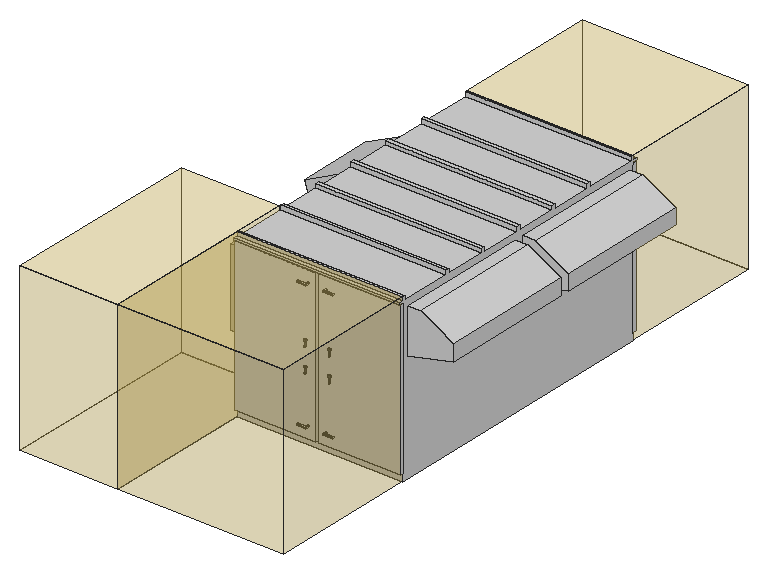
Revit family "Ventilator-RenewAire-Energy-Recovery-LE6XRTV", category Mechanical Equipment, Revit 2015
Parameters (values of type "3.0 HP 208-230V Single Phase")
  Voltage = "208-230"
  Ventilation Type = "Static Plate, Heat and Humidity Transfer"
  Unit Width = "125-1/2\""
  Unit Weight - Modular = "1,017 - 1,461 lbs."
  Unit Weight - Assembled = "2,086 - 2,753 lbs."
  Unit Length = "111-1/4\""
  Unit Height = "71-1/4\""
  Unit = Metal - RenewAire - Anodized - Gray Text
  URL = "www.renewaire.com"
  Typical Airflow Range = "1,500 - 6,600 CFM"
  Standard Features = "TEFC Premium efficiency motors, Motor starters, Non-fused disconnect, 24 VAC transformer/relay package"
  Shipping Weight - Assembled = "3,035 lbs."
  Service Area Visibility = yes
  Service Area Box = Interference - RenewAire - Smooth - Light - Gold
  Revit Object Download Link = ""
  Phase = "Single"
  Options = "Integrated programmable controls, Fused disconnect, Double wall construction, Factory supplied and mounted variable frequency drives (VFDs) - one or both airstreams, Class 1 low-leakage motorized isolation dampers - OA, RA or both airstreams, Qty. 2 Factory mounted filter alarms, Exterior Paint - white, custom colors, Spring Vibration Isolators"
  Number Motors = "Qty. 2, Belt drive blower/ standard motor packages with choice of adjustable sheaves for low, medium or high blower speed"
  Model = "LE6XRTV"
  Minimum Circuit Amps = "33.1 A"
  Maximum Overcurrent Protection = "40 A"
  Max. Shipping Height - Modular = "78\""
  Max. Shipping Width - Assembled = "90\""
  Max. Shipping Weight - Module 2 = "1,491 lbs."
  Max. Shipping Weight - Module 1 = "1,602 lbs."
  Max. Shipping Width - Modular = "90\""
  Max. Shipping Length - Assembled = "160\""
  Max. Shipping Length - Modular = "80\""
  Max. Shipping Height - Assembled = "78\""
  Manufacturer = "RenewAire LLC"
  Frequency = "60 HZ"
  FLA per Motor = "14.7 - 14"
  Description = "Energy Recovery Ventilator"
  Connector Base Material = Glass - With - Transparency
  Accessories = "Filters - MERV 13, 2\" or 4\"; MERV 8, 4\"  (shipped loose), Roof curb - standard 14\", Curb wind clip, Engineered combo curb for Carrier RTU, Engineered combo curb for Trane RTU, Digital time clock - wall mount(TC7D-W), in exterior enclosure (TC7D-E), Motion occupancy control - ceiling mount(MC-C), wall mount(MC-W), Carbon Dioxide control - wall mount(CO2-W), duct mount (CO2-D), Electric duct heater – EK series (1-60 kW), EH series (61-175 kW); designed for indoor ductwork installation only, Indirect gas-fired duct furnace - GH series (50-400 MBH), installed downstream of any fans"
  AHRI 1060 Certified Core = "Six L125-G5"
Types (11): name | Voltage | Phase | Minimum Circuit Amps | Maximum Overcurrent Protection | FLA per Motor
  (no name) | "208-230" | "Single" | "33.1 A" | "40 A" | "14.7 - 14"
  3.0 HP 208-230V Single Phase | "208-230" | "Single" | "33.1 A" | "40 A" | "14.7 - 14"
  3.0 HP 208-230V Three Phase | "208-230" | "Three" | "21.1 A" | "25 A" | "9.38-8.48"
  3.0 HP 460V Three Phase | "460" | "Three" | "9.5 A" | "15 A" | "4.24"
  3.0 HP 575V Three Phase | "575" | "Three" | "7.4 A" | "15 A" | "3.3"
  5.0 HP 208-230V Three Phase | "208-230" | "Three" | "32.6 A" | "45 A" | "14.5-13.4"
  5.0 HP 460V Three Phase | "460" | "Three" | "15.1 A" | "20 A" | "6.7"
  5.0 HP 575V Three Phase | "575" | "Three" | "11.9 A" | "15 A" | "5.3"
  7.5 HP 208-230V Three Phase | "208-230" | "Three" | "47.3 A" | "60 A" | "21.0-19.0"
  7.5 HP 460V Three Phase | "460" | "Three" | "21.4 A" | "25 A" | "9.5"
  7.5 HP 575V Three Phase | "575" | "Three" | "17.1 A" | "20 A" | "7.6"
Reference planes (in)
  plane 1 "Center (Front/Back)": y = 0
  plane 2: z = 0
  plane 3 "Center (Left/Right)": x = 0
Forms (in)
  Extrusion 1, solid, material "Metal - RenewAire - Anodized - Gray Text"
    sketch origin (-0.48313, -5.9375, 75.0345) x (1, 0, 0) y (0, 0, -1)
      loop
        circle (-3.25, 67.0345) r 0.25
    from -56.3125 to -55.5625
  Extrusion 2, solid, material "Metal - RenewAire - Anodized - Gray Text"
    sketch origin (-0.48313, -5.9375, 75.0345) x (0, 1, 0) y (0, 0, -1)
      loop
        line (-56.3125, 67.2845) -> (-57.1875, 67.2845) -> (-57.1875, 66.7845) -> (-56.3125, 66.7845) -> (-56.3125, 67.2845)
    from 2.95437 to 7.02735
  Extrusion 3, solid, material "Metal - RenewAire - Anodized - Gray Text"
    sketch origin (-0.4375, -5.9375, 128.569) x (1, 0, 0) y (0, 0, -1)
      loop
        circle (-3.25, 67.0345) r 0.25
    from -56.3125 to -55.5625
  Extrusion 4, solid, material "Metal - RenewAire - Anodized - Gray Text"
    sketch origin (-0.48313, -5.9375, 128.569) x (0, 1, 0) y (0, 0, -1)
      loop
        line (-56.3125, 67.2845) -> (-57.1875, 67.2845) -> (-57.1875, 66.7845) -> (-56.3125, 66.7845) -> (-56.3125, 67.2845)
    from 2.95437 to 7.02735
  Extrusion 5, solid, material "Interference - RenewAire - Smooth - Light - Gold", visible <- "Service Area Visibility"
    sketch origin (19.25, 0, 0) x (1, 0, 0) y (0, 1, 0)
      loop
        line (-53.875, -38.125) -> (-94.8125, -38.125) -> (-94.8125, -122.25) -> (-53.875, -122.25) -> (-53.875, -38.125)
    from 0 to 69.25
  Extrusion 6, solid, material "Interference - RenewAire - Smooth - Light - Gold", visible <- "Service Area Visibility"
    sketch origin (0, -45.75, 0) x (1, 0, 0) y (0, 1, 0)
      loop
        line (34.625, -14.25) -> (-34.625, -14.25) -> (-34.625, -76.5) -> (34.625, -76.5) -> (34.625, -14.25)
    from 0 to 69.25
  Extrusion 7, solid, material "Metal - RenewAire - Anodized - Gray Text"
    sketch origin (0, 0, 0) x (0, 1, 0) y (0, 0, 1)
      loop
        line (59.25, 67.5) -> (37.55, 67.5) -> (37.55, 69.25) -> (36.05, 69.25) -> (36.05, 67.5) -> (19.15, 67.5) -> (19.15, 69.25) -> (17.65, 69.25) -> (17.65, 67.5) -> (0.75, 67.5) -> (0.75, 69.25) -> (-0.75, 69.25) -> (-0.75, 67.5) -> (-17.65, 67.5) -> (-17.65, 69.25) -> (-19.15, 69.25) -> (-19.15, 67.5) -> (-36.05, 67.5) -> (-36.05, 69.25) -> (-37.55, 69.25) -> (-37.55, 67.5) -> (-59.25, 67.5) -> (-59.25, 69.25) -> (-60, 69.25) -> (-60, 67.75) -> (-62, 67.75) -> (-62, 67) -> (-60, 67) -> (-60, 0) -> (60, 0) -> (60, 67) -> (62, 67) -> (62, 67.75) -> (60, 67.75) -> (60, 69.25) -> (59.25, 69.25) -> (59.25, 67.5)
    from -34.625 to 34.625
  Extrusion 8, solid, material "Interference - RenewAire - Smooth - Light - Gold", visible <- "Service Area Visibility"
    sketch origin (0, -32.65268, 0) x (1, 0, 0) y (0, 1, 0)
      loop
        line (34.625, 152.90268) -> (-34.625, 152.90268) -> (-34.625, 92.65268) -> (34.625, 92.65268) -> (34.625, 152.90268)
    from 0 to 69.25
  Extrusion 9, solid, material "Metal - RenewAire - Anodized - Gray Text"
    sketch origin (0, 0, 0) x (1, 0, 0) y (0, 0, 1)
      loop
        line (-34.625, 66.5) -> (-34.625, 3) -> (-0.5625, 3) -> (-0.5625, 66.5) -> (-34.625, 66.5)
    from 60 to 61.5
  Extrusion 10, solid, material "Metal - RenewAire - Anodized - Gray Text"
    sketch origin (-6.80202, 0, 0) x (1, 0, 0) y (0, 0, 1)
      loop
        line (7.36452, 66.5) -> (7.36452, 3) -> (41.42702, 3) -> (41.42702, 66.5) -> (7.36452, 66.5)
    from 60 to 61.5
  Extrusion 11, solid, material "Metal - RenewAire - Anodized - Gray Text"
    sketch origin (0, 0, 0) x (1, 0, 0) y (0, 0, 1)
      loop
        line (-34.625, 66.5) -> (-34.625, 3) -> (-0.5625, 3) -> (-0.5625, 66.5) -> (-34.625, 66.5)
    from -61.5 to -60
  Extrusion 12, solid, material "Metal - RenewAire - Anodized - Gray Text"
    sketch origin (-6.80202, 0, 0) x (1, 0, 0) y (0, 0, 1)
      loop
        line (7.36452, 66.5) -> (7.36452, 3) -> (41.42702, 3) -> (41.42702, 66.5) -> (7.36452, 66.5)
    from -61.5 to -60
  Extrusion 13, solid, material "Metal - RenewAire - Anodized - Gray Text"
    sketch origin (0, 0, 0) x (0, 1, 0) y (0, 0, 1)
      loop
        line (-38.125, 62) -> (-57.5, 62) -> (-57.5, 29.625) -> (-38.125, 29.625) -> (-38.125, 62)
    from -39.5625 to -34.625
  Extrusion 14, solid, material "Metal - RenewAire - Anodized - Gray Text"
    sketch origin (0, 0, 0) x (0, 1, 0) y (0, 0, 1)
      loop
        line (-49, 43.625) -> (-51.5, 43.625) -> (-51.5, 41.125) -> (-49, 41.125) -> (-49, 43.625)
    from -39.8125 to -39.5625
  Extrusion 15, solid, material "Metal - RenewAire - Anodized - Gray Text"
    sketch origin (0, 0, 0) x (0, 1, 0) y (0, 0, 1)
      loop
        circle (-50.24745, 42.375) r 1
    from -40.8125 to -39.8125
  Extrusion 16, solid, material "Metal - RenewAire - Anodized - Gray Text"
    sketch origin (0.48313, -5.9375, 75.0345) x (-1, 0, 0) y (0, 0, 1)
      loop
        circle (-3.25, -67.0345) r 0.25
    from -56.3125 to -55.5625
  Extrusion 17, solid, material "Metal - RenewAire - Anodized - Gray Text"
    sketch origin (0.48313, -5.9375, 75.0345) x (0, 1, 0) y (0, 0, 1)
      loop
        line (-56.3125, -67.2845) -> (-56.3125, -66.7845) -> (-57.1875, -66.7845) -> (-57.1875, -67.2845) -> (-56.3125, -67.2845)
    from 2.95437 to 7.02735
  Extrusion 18, solid, material "Metal - RenewAire - Anodized - Gray Text"
    sketch origin (0.4375, -5.9375, 128.569) x (-1, 0, 0) y (0, 0, 1)
      loop
        circle (-3.25, -67.0345) r 0.25
    from -56.3125 to -55.5625
  Extrusion 19, solid, material "Metal - RenewAire - Anodized - Gray Text"
    sketch origin (0.48313, -5.9375, 128.569) x (0, 1, 0) y (0, 0, 1)
      loop
        line (-56.3125, -67.2845) -> (-56.3125, -66.7845) -> (-57.1875, -66.7845) -> (-57.1875, -67.2845) -> (-56.3125, -67.2845)
    from 2.95437 to 7.02735
  Extrusion 20, solid, material "Metal - RenewAire - Anodized - Gray Text"
    sketch origin (-0.48313, 5.9375, 75.0345) x (1, 0, 0) y (0, 0, 1)
      loop
        circle (-3.25, -67.0345) r 0.25
    from -56.3125 to -55.5625
  Extrusion 21, solid, material "Metal - RenewAire - Anodized - Gray Text"
    sketch origin (-0.48313, 5.9375, 75.0345) x (0, -1, 0) y (0, 0, 1)
      loop
        line (-56.3125, -67.2845) -> (-56.3125, -66.7845) -> (-57.1875, -66.7845) -> (-57.1875, -67.2845) -> (-56.3125, -67.2845)
    from 2.95437 to 7.02735
  Extrusion 22, solid, material "Metal - RenewAire - Anodized - Gray Text"
    sketch origin (-0.4375, 5.9375, 128.569) x (1, 0, 0) y (0, 0, 1)
      loop
        circle (-3.25, -67.0345) r 0.25
    from -56.3125 to -55.5625
  Extrusion 23, solid, material "Metal - RenewAire - Anodized - Gray Text"
    sketch origin (-0.48313, 5.9375, 128.569) x (0, -1, 0) y (0, 0, 1)
      loop
        line (-56.3125, -67.2845) -> (-56.3125, -66.7845) -> (-57.1875, -66.7845) -> (-57.1875, -67.2845) -> (-56.3125, -67.2845)
    from 2.95437 to 7.02735
  Extrusion 24, solid, material "Metal - RenewAire - Anodized - Gray Text"
    sketch origin (0.48313, 5.9375, 75.0345) x (-1, 0, 0) y (0, 0, -1)
      loop
        circle (-3.25, 67.0345) r 0.25
    from -56.3125 to -55.5625
  Extrusion 25, solid, material "Metal - RenewAire - Anodized - Gray Text"
    sketch origin (0.48313, 5.9375, 75.0345) x (0, -1, 0) y (0, 0, -1)
      loop
        line (-56.3125, 67.2845) -> (-57.1875, 67.2845) -> (-57.1875, 66.7845) -> (-56.3125, 66.7845) -> (-56.3125, 67.2845)
    from 2.95437 to 7.02735
  Extrusion 26, solid, material "Metal - RenewAire - Anodized - Gray Text"
    sketch origin (0.4375, 5.9375, 128.569) x (-1, 0, 0) y (0, 0, -1)
      loop
        circle (-3.25, 67.0345) r 0.25
    from -56.3125 to -55.5625
  Extrusion 27, solid, material "Metal - RenewAire - Anodized - Gray Text"
    sketch origin (0.48313, 5.9375, 128.569) x (0, -1, 0) y (0, 0, -1)
      loop
        line (-56.3125, 67.2845) -> (-57.1875, 67.2845) -> (-57.1875, 66.7845) -> (-56.3125, 66.7845) -> (-56.3125, 67.2845)
    from 2.95437 to 7.02735
  Extrusion 28, void
    sketch origin (0, 0, 0) x (1, 0, 0) y (0, 1, 0)
      loop
        line (-25, -7.4375) -> (-25, -23.5625) -> (-5.5, -23.5625) -> (-5.5, -7.4375) -> (-25, -7.4375)
    from -2.22657 to 4.75
  Extrusion 29, void
    sketch origin (0, 0, 0) x (1, 0, 0) y (0, 1, 0)
      loop
        line (3, -5.75) -> (3, -37.25) -> (27, -37.25) -> (27, -5.75) -> (3, -5.75)
    from -2.22657 to 4.75
  Extrusion 30, solid, material "Metal - RenewAire - Anodized - Gray Text"
    sketch origin (0, 0, 0) x (1, 0, 0) y (0, 0, 1)
      loop
        line (-34.625, 64.375) -> (-56.875, 53.375) -> (-51.875, 37) -> (-34.625, 37) -> (-34.625, 64.375)
    from -34.75 to -2.75
  Extrusion 31, solid, material "Metal - RenewAire - Anodized - Gray Text"
    sketch origin (0, 0, 0) x (1, 0, 0) y (0, 0, 1)
      loop
        line (34.625, 65) -> (34.625, 46) -> (54.25, 51) -> (54.25, 57.5) -> (40.375, 65) -> (34.625, 65)
    from 2 to 58
  Extrusion 32, solid, material "Metal - RenewAire - Anodized - Gray Text"
    sketch origin (0, 0, 0) x (1, 0, 0) y (0, 0, 1)
      loop
        line (34.625, 65) -> (34.625, 46) -> (54.25, 51) -> (54.25, 57.5) -> (40.375, 65) -> (34.625, 65)
    from -58 to -2
  Extrusion 33, void
    sketch origin (0, 0, 0) x (1, 0, 0) y (0, 1, 0)
      loop
        line (-34.125, 59.5) -> (-34.125, -59.5) -> (34.125, -59.5) -> (34.125, 59.5) -> (-34.125, 59.5)
    from 0 to 4.625
Cuts and joins
  Extrusion 28, Extrusion 29, Extrusion 33 cuts Extrusion 7
Dimensions and locks (in)
  aligned and locked: level to plane 2
  aligned and locked: Extrusion 6 to Extrusion 10
  aligned and locked: Extrusion 6 to Extrusion 12
  aligned and locked: Extrusion 6 to Extrusion 7  (x2)
Nested families (in)
  nested 1: "Monitoring Port" at (-5.0625, -61.5, 27.071), type "Monitoring Port"
  nested 2: "Monitoring Port" at (-5.0625, -61.5, 37.1055), type "Monitoring Port"
  nested 3: "Monitoring Port" at (5.0625, -61.5, 27.071) x (-1, 0, 0) z (0, 0, 1), type "Monitoring Port"
  nested 4: "Monitoring Port" at (5.0625, -61.5, 37.1055) x (-1, 0, 0) z (0, 0, 1), type "Monitoring Port"
  nested 5: "Monitoring Port" at (-5.0625, 61.5, 27.071), type "Monitoring Port"
  nested 6: "Monitoring Port" at (-5.0625, 61.5, 37.1055), type "Monitoring Port"
  nested 7: "Monitoring Port" at (5.0625, 61.5, 27.071) x (-1, 0, 0) z (0, 0, 1), type "Monitoring Port"
  nested 8: "Monitoring Port" at (5.0625, 61.5, 37.1055) x (-1, 0, 0) z (0, 0, 1), type "Monitoring Port"
Connectors (in)
  hvac at (-15.25, -15.5, 4.75)
    settings: on cut or joined group of Extrusion 7, Extrusion 28, Extrusion 29, Extrusion 33, index 4, duct flow 0 CFM, flow factor 0, pres drop 0.00 in-wg, loss coef 0, conn angle 0.00°, conn width 16 1/8", conn height 19 1/2", conn diameter 24", duct sys type 1, conn prof type 1, flow config 0, flow direction 2, loss method 0, conn ref index -1, conn util no, is conn primary yes, conn desc "FA (Fresh Air)"
  hvac at (15, -21.5, 4.75)
    settings: on cut or joined group of Extrusion 7, Extrusion 28, Extrusion 29, Extrusion 33, index 5, duct flow 0 CFM, flow factor 0, pres drop 0.00 in-wg, loss coef 0, conn angle 0.00°, conn width 31 1/2", conn height 24", conn diameter 24", duct sys type 2, conn prof type 1, flow config 0, flow direction 1, loss method 0, conn ref index -1, conn util no, is conn primary no, conn desc "RA (Return Air)"
Definition of nested family "Monitoring Port"
  Parameters (values of type "Monitoring Port")
    URL = "www.renewaire.com"
    Revit Object Download Link = ""
    Model = ""
    Manufacturer = "RenewAire LLC"
    Description = "Monitoring Ports"
  Reference planes (in)
    plane 1 "Center (Front/Back)": y = 0
    plane 2: z = 0
    plane 3 "Center (Left/Right)": x = 0
  Forms (in)
    Extrusion 1, solid
      sketch origin (-9.43348, 0, 37.76669) x (-1, 0, 0) y (0, 0, -1)
        loop
          line (-9.53348, 35.65895) -> (-9.94097, 35.42369) -> (-9.94097, 34.83769) -> (-9.43348, 34.54469) -> (-8.92599, 34.83769) -> (-8.92599, 35.42369) -> (-9.33348, 35.65895) -> (-9.33348, 37.28756)
          arc (-9.33348, 37.28756) -> (-9.43348, 37.76669) -> (-9.53348, 37.28756) r 0.25
          line (-9.53348, 37.28756) -> (-9.53348, 35.65895)
      from 0 to 0.25
  Dimensions and locks (in)
    aligned and locked: level to plane 2
